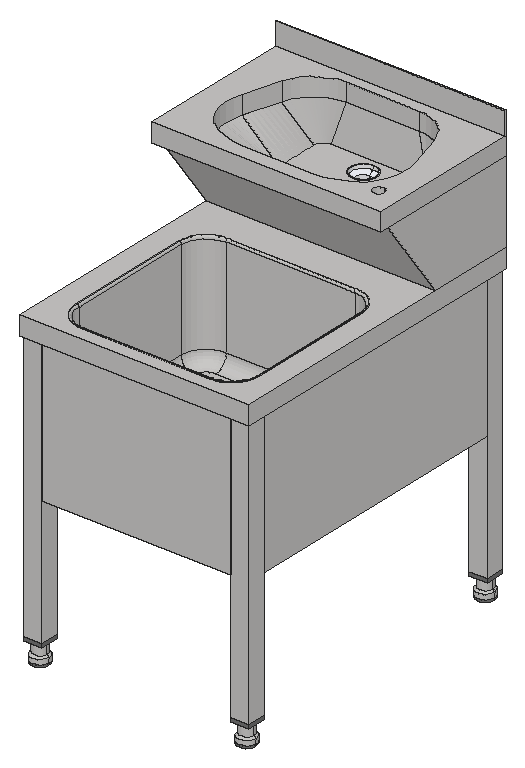
Revit family "QF_ZANUSSI_132951_NLPD", category Attrezzature speciali, Revit 2020
Family settings
  Quota connettore circolare = Usa diametro
  Tipo di parte = Normale
  Basato su piano di lavoro = No
  Sempre verticale = Sì
  Taglio con vuoti quando caricato = No
  Condiviso = No
  Punto di calcolo locali = No
Parameters (values of type "Standard")
  Weight = 50.00 kg
  Watts = 0 W
  Volts = 0 V
  URL Manufacturer = "http://www.zanussiprofessional.com"
  URL = "http://www.zanussiprofessional.com"
  Steam Supply Size = 0 mm
  Steam Supply Minimum Pressure = 0.0 Pa
  Steam Supply Maximum Pressure = 0.0 Pa
  Steam Consumption per Hour = 0
  Refrigeration Suction Line Size = 0.0 mm
  Refrigeration Liquid Line Size = 0.0 mm
  Refrigerant Compressor Remote = yes
  Prospetto di default = 0.0 mm
  Phase = 0
  Modello = "NLPD"
  Produttore = "Zanussi"
  Length Actual = 500.0 mm  # constant formula
  Item Number = "132951"
  Hot Water Size = 12.7 mm
  Height Actual = 950.0 mm  # constant formula
  HP = "0 HP"
  Gas Size = 0 mm
  Gas KW = 0
  Gas Input Pressure = 0 W
  Direct Waste Size = 139.7 mm
  Descrizione = "FREE-STAND.HAND WASH SINK+1 UPPER BOWL WITH MIXER SPOUT-DRAIN HOLE AND 1 LOWER BOWL+MIXER SPOUT,DRAIN HOLE,SUPPORT GRID"
  Depth Actual = 700.0 mm  # constant formula
  Cycle = 0 Hz
  Condensate Return Size = 0 mm
  Compressed Air Volume = 0.0 L/s
  Compressed Air Size = 0 mm
  Compressed Air Pressure = 0.0 Pa
  Cold Water Size = 12.7 mm
  Accessory = yes
Reference planes
  plane 1 "Center (Front/Back)": y = 0
  plane 2: z = 0
  plane 3 "Center (Left/Right)": x = 150
  plane 4 "LEFT": x = -100
  plane 5 "RIGHT": x = 400
  plane 6 "BACK": y = 350
  plane 7 "FRONT": y = -350
  plane 8 "PlaneVascaSup": z = 860
  plane 9 "TOP": z = 900
  plane 10: x = -76
  plane 11: x = 376
  plane 12: y = 326
  plane 13: y = -326
  plane 14 "RIPIANO": z = 200
  plane 15 "PlaneVascaInf": z = 680
  plane 16: z = 640
  plane 17: z = 950
  plane 18: y = 275
  plane 19: z = 774
  plane 20: y = 65
  plane 21: x = 352
  plane 22: y = 10
Forms (mm)
  Extrusion 1, solid, material "QF_Finishes_Stainless Steel"
    sketch origin (0, 0, 680) x (0, 1, 0) y (-1, 0, 0)
      loop
        line (306, 96) -> (-306, 96) -> (-306, 81) -> (306, 81) -> (306, 96)
      loop
        line (-346, 56) -> (-346, -356) -> (-331, -356) -> (-331, 56) -> (-346, 56)
      loop
        line (306, -396) -> (306, -381) -> (-306, -381) -> (-306, -396) -> (306, -396)
    from -40 to -350
  Extrusion 2, solid, material "QF_Finishes_Stainless Steel"
    sketch origin (0, 0, 680) x (0, 1, 0) y (-1, 0, 0)
      loop
        line (350, 100) -> (-350, 100) -> (-350, -400) -> (350, -400) -> (350, 100)
      loop
        line (-320, -10) -> (-320, -290)
        arc (-320, -290) -> (-302.426, -332.426) -> (-260, -350) r 60
        line (-260, -350) -> (20, -350)
        arc (20, -350) -> (62.426, -332.426) -> (80, -290) r 60
        line (80, -290) -> (80, -10)
        arc (80, -10) -> (62.426, 32.426) -> (20, 50) r 60
        line (20, 50) -> (-260, 50)
        arc (-260, 50) -> (-302.426, 32.426) -> (-320, -10) r 60
    from 0 to -40
  Extrusion 3, solid, material "QF_Finishes_Stainless Steel"
    sketch origin (150, 0, 0) x (0, 1, 0) y (0, 0, 1)
      loop
        line (350, 680) -> (350, 860) -> (29.222, 860) -> (160, 680) -> (350, 680)
    from -250 to -245
  Blend 4, void
    base sketch origin (0, 0, 860) x (0, 1, 0) y (-1, 0, 0)
      loop
        line (326, -229.648) -> (326, -70.352)
        arc (326, -70.352) -> (307.877, -16.189) -> (260.807, 16.161) r 90
        line (260.807, 16.161) -> (180.182, 39.28)
        arc (180.182, 39.28) -> (123.845, 42.636) -> (73.909, 16.341) r 105
        arc (73.909, 16.341) -> (49.478, -26.456) -> (41, -75) r 143.215
        line (41, -75) -> (41, -225)
        arc (41, -225) -> (49.478, -273.544) -> (73.909, -316.341) r 143.215
        arc (73.909, -316.341) -> (123.845, -342.636) -> (180.182, -339.28) r 105
        line (180.182, -339.28) -> (260.807, -316.161)
        arc (260.807, -316.161) -> (307.877, -283.811) -> (326, -229.648) r 90
    top sketch origin (0, 0, 860) x (0, 1, 0) y (-1, 0, 0)
      loop
        arc (316, -45) -> (310.142, -30.858) -> (296, -25) r 20
        line (296, -25) -> (201, -25)
        arc (201, -25) -> (193.929, -27.929) -> (191, -35) r 10
        line (191, -35) -> (191, -123.121) -> (191, -176.879) -> (191, -265)
        arc (191, -265) -> (193.929, -272.071) -> (201, -275) r 10
        line (201, -275) -> (296, -275)
        arc (296, -275) -> (310.142, -269.142) -> (316, -255) r 20
        line (316, -255) -> (316, -45)
    from 0 to -86
  Extrusion 5, void
    sketch origin (0, 0, 680) x (0, 1, 0) y (-1, 0, 0)
      loop
        circle (275, -150) r 28
    from -42.17 to 94
  Revolve 6, solid, material "QF_Finishes_White"
    sketch origin (150, 146, 125) x (0, 1, 0) y (0, 0, 1)
      loop
        line (145.5, 633.617) -> (157.058, 640.84) -> (157.058, 649) -> (155.558, 649) -> (155.558, 641.671) -> (144, 634.449) -> (144, 619.5) -> (145.5, 619.5) -> (145.5, 633.617)
      axis (129, 649) -> (129, 619.5)
    angle from 0 to 360
  Extrusion 7, void
    sketch origin (0, 0, 860) x (0, 1, 0) y (-1, 0, 0)
      loop
        circle (65, -352) r 12.7
    from 0 to 40
  Extrusion 8, solid, material "QF_Finishes_Stainless Steel"
    sketch origin (0, 0, 860) x (0, 1, 0) y (-1, 0, 0)
      loop
        line (350, 100) -> (10, 100) -> (10, -400) -> (350, -400) -> (350, 100)
    from 0 to 40
  Extrusion 9, void
    sketch origin (0, 0, 860) x (0, 1, 0) y (-1, 0, 0)
      loop
        arc (180.182, 39.28) -> (123.845, 42.636) -> (73.909, 16.341) r 105
        arc (73.909, 16.341) -> (49.478, -26.456) -> (41, -75) r 143.215
        line (41, -75) -> (41, -225)
        arc (41, -225) -> (49.478, -273.544) -> (73.909, -316.341) r 143.215
        arc (73.909, -316.341) -> (123.845, -342.636) -> (180.182, -339.28) r 105
        line (180.182, -339.28) -> (260.807, -316.161)
        arc (260.807, -316.161) -> (307.877, -283.811) -> (326, -229.648) r 90
        line (326, -229.648) -> (326, -70.352)
        arc (326, -70.352) -> (307.877, -16.189) -> (260.807, 16.161) r 90
        line (260.807, 16.161) -> (180.182, 39.28)
    from 0 to 40
  Extrusion 10, solid, material "QF_Finishes_Stainless Steel"
    sketch origin (150, 0, 0) x (0, 1, 0) y (0, 0, 1)
      loop
        line (350, 950) -> (348, 950) -> (348, 900) -> (350, 900) -> (350, 950)
    from -250 to 250
  Extrusion 11, solid, material "QF_Finishes_Stainless Steel"
    sketch origin (0, 0, 860) x (0, 1, 0) y (-1, 0, 0)
      loop
        circle (65, -339.3) r 10
      loop
        circle (65, -364.7) r 10
      loop
        circle (65, -364.7) r 8
      loop
        circle (65, -339.3) r 8
    from -5.915 to -9.268
  Extrusion 12, solid, material "QF_Finishes_Stainless Steel"
    sketch origin (150, 0, 0) x (0, 1, 0) y (0, 0, 1)
      loop
        line (166.18, 680) -> (35.403, 860) -> (29.222, 860) -> (160, 680) -> (166.18, 680)
    from -250 to 245
  Extrusion 13, solid, material "QF_Finishes_Stainless Steel"
    sketch origin (150, 0, 0) x (0, 1, 0) y (0, 0, 1)
      loop
        line (350, 680) -> (350, 860) -> (29.222, 860) -> (160, 680) -> (350, 680)
    from 240 to 250
  Extrusion 14, solid, material "QF_Finishes_Stainless Steel"
    sketch origin (150, 0, 0) x (0, 1, 0) y (0, 0, 1)
      loop
        line (326, 860) -> (35.403, 860) -> (183.531, 772.505) -> (326, 772.505) -> (326, 860)
    from -195 to 195
  Extrusion 15, void
    sketch origin (0, 0, 860) x (0, 1, 0) y (-1, 0, 0)
      loop
        circle (275, -150) r 28.058
    from -100.551 to -69.963
Cuts and joins
  Extrusion 5, Extrusion 7 cuts Extrusion 2
  Extrusion 7, Extrusion 9 cuts Extrusion 8
  Blend 4, Extrusion 5, Extrusion 7 cuts Extrusion 3
  joined: Extrusion 3, Extrusion 12, Extrusion 13
  Blend 4, Extrusion 15 cuts Extrusion 14
Lines and regions (mm)
  symbolic lines, style "SpecialityEquipmentHiddenLines", detail levels coarse
    curve 1: line (-100, 350, 200) -> (400, 350, 200)
    curve 2: line (-100, -350, 200) -> (-100, 350, 200)
    curve 3: line (400, -350, 200) -> (-100, -350, 200)
    curve 4: line (400, 350, 200) -> (400, -350, 200)
Dimensions and locks
  plane 4 "LEFT" to plane 5 "RIGHT" = 500.0 mm
  equal spacing: plane 4 "LEFT", plane 3 "Center (Left/Right)", plane 5 "RIGHT"
  locked: plane 8 "PlaneVascaSup" to level at 860
  plane 4 "LEFT" to plane 10 = 24.0 mm
  plane 11 to plane 5 "RIGHT" = 24.0 mm
  plane 9 "TOP" to level = 900.0 mm
  plane 6 "BACK" to plane 12 = 24.0 mm
  plane 13 to plane 7 "FRONT" = 24.0 mm
  plane 6 "BACK" to plane 7 "FRONT" = 700.0 mm
  plane 12 to plane 13 = 652.0 mm
  equal spacing: plane 6 "BACK", plane 1 "Center (Front/Back)", plane 7 "FRONT"
  plane 14 "RIPIANO" to level = 200.0 mm
  plane 2 to plane 14 "RIPIANO" to plane 8 "PlaneVascaSup" = 200.0 mm, 660.0 mm
  locked: plane 15 "PlaneVascaInf" to level at 680
  locked: plane 15 "PlaneVascaInf" to plane 16 at 40
  plane 6 "BACK" to plane 18 = 75.0 mm
  plane 9 "TOP" to plane 19 = 126.0 mm
  plane 6 "BACK" to plane 20 = 285.0 mm
  plane 21 to plane 5 "RIGHT" = 48.0 mm
  plane 6 "BACK" to plane 22 = 340.0 mm
  locked: plane 17 to level at 950
  plane 17 to plane 9 "TOP" = 50.0 mm
  aligned and locked: level to plane 2
  aligned and locked: plane 10 to nested 1
  aligned and locked: nested 1 to plane 13
  aligned and locked: plane 11 to nested 2
  aligned and locked: nested 2 to plane 13
  aligned and locked: plane 11 to nested 4
  aligned and locked: nested 4 to plane 12
  aligned and locked: plane 10 to nested 3
  aligned and locked: nested 3 to plane 12
Automatic sketch dimensions
  plane 7 "FRONT" to Extrusion 1 sketch curve = 4.0 mm
  Extrusion 1 sketch curve to plane 13 = 5.0 mm
  Extrusion 1 sketch curve to plane 5 "RIGHT" = 4.0 mm
  plane 13 to Extrusion 1 sketch curve = 20.0 mm  (x2)
  plane 4 "LEFT" to Extrusion 1 sketch curve = 4.0 mm
  Extrusion 1 sketch curve to plane 10 = 5.0 mm
  Extrusion 1 sketch curve to plane 12 = 20.0 mm  (x2)
  plane 11 to Extrusion 1 sketch curve = 5.0 mm
  Extrusion 1 sketch curve to plane 21 = 4.0 mm
  plane 10 to Extrusion 1 sketch curve = 20.0 mm
  curve 3 to plane 4 "LEFT" = 0.0 mm
  curve 3 to plane 7 "FRONT" = 0.0 mm
  curve 2 to plane 6 "BACK" = 0.0 mm
  curve 1 to plane 5 "RIGHT" = 0.0 mm
  Extrusion 2 sketch curve to plane 5 "RIGHT" = 0.0 mm
  Extrusion 2 sketch curve to plane 7 "FRONT" = 0.0 mm
  Extrusion 2 sketch curve to plane 6 "BACK" = 0.0 mm
  Extrusion 2 sketch curve to plane 4 "LEFT" = 0.0 mm
  plane 13 to Extrusion 2 sketch curve = 6.0 mm
  Extrusion 2 sketch curve to Extrusion 2 sketch curve = 60.0 mm
  plane 21 to Extrusion 2 sketch curve = 2.0 mm
  plane 13 to Extrusion 2 sketch curve = 66.0 mm
  plane 22 to Extrusion 2 sketch curve = 10.0 mm  (x2)
  plane 20 to Extrusion 2 sketch curve = 15.0 mm
  plane 10 to Extrusion 2 sketch curve = 86.0 mm
  Extrusion 3 sketch curve to plane 8 "PlaneVascaSup" = 0.0 mm
  Extrusion 3 sketch curve to plane 15 "PlaneVascaInf" = 0.0 mm
  Extrusion 3 sketch curve to plane 6 "BACK" = 0.0 mm
  plane 20 to Extrusion 3 sketch curve = 95.0 mm
  plane 22 to Extrusion 3 sketch curve = 19.222 mm
  Blend 4 sketch curve to plane 12 = 0.0 mm
  plane 18 to Blend 4 sketch curve = 14.193 mm  (x2)
  plane 18 to Blend 4 sketch curve = 39.0 mm  (x2)
  Blend 4 sketch curve to Blend 4 sketch curve = 51.785 mm  (x2)
  plane 21 to Blend 4 sketch curve = 12.72 mm
  Blend 4 sketch curve to Blend 4 sketch curve = 80.625 mm  (x2)
  plane 10 to Blend 4 sketch curve = 36.72 mm
  Blend 4 sketch curve to Blend 4 sketch curve = 38.215 mm  (x2)
  Blend 4 sketch curve to plane 20 = 24.0 mm
  plane 21 to Blend 4 sketch curve = 35.839 mm
  plane 3 "Center (Left/Right)" to Blend 4 sketch curve = 90.0 mm
  plane 3 "Center (Left/Right)" to Blend 4 sketch curve = 75.0 mm
  Blend 4 sketch curve to plane 3 "Center (Left/Right)" = 75.0 mm
  Blend 4 sketch curve to plane 3 "Center (Left/Right)" = 79.648 mm
  Blend 4 sketch curve to Blend 4 sketch curve = 15.0 mm
  plane 3 "Center (Left/Right)" to Blend 4 sketch curve = 26.879 mm
  plane 18 to Blend 4 sketch curve = 84.0 mm
  Blend 4 sketch curve to Blend 4 sketch curve = 10.0 mm  (x2)
  Blend 4 sketch curve to plane 18 = 21.0 mm  (x2)
  Blend 4 sketch curve to plane 12 = 10.0 mm
  plane 21 to Blend 4 sketch curve = 97.0 mm
  Blend 4 sketch curve to plane 3 "Center (Left/Right)" = 26.879 mm
  Blend 4 sketch curve to plane 3 "Center (Left/Right)" = 105.0 mm
  Extrusion 5 sketch curve to plane 3 "Center (Left/Right)" = 0.0 mm
  plane 18 to Extrusion 5 sketch curve = 0.0 mm
  Revolve 6 sketch curve to plane 18 = 0.0 mm
  plane 19 to Revolve 6 sketch curve = 0.0 mm
  Revolve 6 sketch curve to plane 18 = 15.0 mm
  Revolve 6 sketch curve to Revolve 6 sketch curve = 1.5 mm  (x2)
  Revolve 6 sketch curve to Revolve 6 sketch curve = 10.058 mm
  Revolve 6 sketch curve to Revolve 6 sketch curve = 7.329 mm
  Revolve 6 sketch curve to Revolve 6 sketch curve = 0.831 mm  (x2)
  Revolve 6 sketch curve to Revolve 6 sketch curve = 7.222 mm
  Revolve 6 sketch curve to Revolve 6 sketch curve = 14.117 mm
  Revolve 6 sketch curve to Revolve 6 sketch curve = 22.0 mm
  plane 8 "PlaneVascaSup" to Revolve 6 sketch curve = 2.5 mm
  Extrusion 7 sketch curve to plane 20 = 0.0 mm
  Extrusion 7 sketch curve to plane 21 = 0.0 mm
  Extrusion 8 sketch curve to plane 4 "LEFT" = 0.0 mm
  Extrusion 8 sketch curve to plane 22 = 0.0 mm
  Extrusion 8 sketch curve to plane 6 "BACK" = 0.0 mm
  Extrusion 8 sketch curve to plane 5 "RIGHT" = 0.0 mm
  Extrusion 9 sketch curve to plane 12 = 0.0 mm
  plane 18 to Extrusion 9 sketch curve = 14.193 mm  (x2)
  plane 18 to Extrusion 9 sketch curve = 39.0 mm  (x2)
  Extrusion 9 sketch curve to Extrusion 9 sketch curve = 51.785 mm  (x2)
  plane 10 to Extrusion 9 sketch curve = 36.72 mm
  Extrusion 9 sketch curve to Extrusion 9 sketch curve = 80.625 mm  (x2)
  plane 21 to Extrusion 9 sketch curve = 12.72 mm
  Extrusion 9 sketch curve to Extrusion 9 sketch curve = 38.215 mm  (x2)
  Extrusion 9 sketch curve to plane 20 = 24.0 mm
  plane 21 to Extrusion 9 sketch curve = 35.839 mm
  plane 3 "Center (Left/Right)" to Extrusion 9 sketch curve = 90.0 mm
  Extrusion 9 sketch curve to Extrusion 9 sketch curve = 15.0 mm  (x2)
  Extrusion 9 sketch curve to plane 3 "Center (Left/Right)" = 75.0 mm
  Extrusion 9 sketch curve to Extrusion 9 sketch curve = 4.648 mm
  Extrusion 10 sketch curve to plane 17 = 0.0 mm
  Extrusion 10 sketch curve to plane 9 "TOP" = 0.0 mm
  Extrusion 10 sketch curve to plane 6 "BACK" = 0.0 mm
  Extrusion 10 sketch curve to plane 6 "BACK" = 2.0 mm
  Extrusion 11 sketch curve to plane 20 = 0.0 mm  (x2)
  Extrusion 11 sketch curve to plane 11 = 11.3 mm
  plane 21 to Extrusion 11 sketch curve = 12.7 mm
  plane 20 to Extrusion 12 sketch curve = 95.0 mm
  plane 22 to Extrusion 12 sketch curve = 19.222 mm
  Extrusion 13 sketch curve to plane 8 "PlaneVascaSup" = 0.0 mm
  Extrusion 13 sketch curve to plane 15 "PlaneVascaInf" = 0.0 mm
  Extrusion 13 sketch curve to plane 6 "BACK" = 0.0 mm
  plane 20 to Extrusion 13 sketch curve = 95.0 mm
  plane 22 to Extrusion 13 sketch curve = 19.222 mm
  plane 8 "PlaneVascaSup" to Extrusion 12 sketch curve = 0.0 mm
  plane 15 "PlaneVascaInf" to Extrusion 12 sketch curve = 0.0 mm
  Extrusion 12 sketch curve to Extrusion 12 sketch curve = 6.18 mm  (x2)
  Extrusion 14 sketch curve to plane 8 "PlaneVascaSup" = 0.0 mm
  plane 19 to Extrusion 14 sketch curve = 1.495 mm
  Extrusion 14 sketch curve to plane 12 = 0.0 mm
  plane 18 to Extrusion 14 sketch curve = 91.469 mm
  plane 22 to Extrusion 14 sketch curve = 25.403 mm
  Extrusion 15 sketch curve to plane 3 "Center (Left/Right)" = 0.0 mm
  plane 18 to Extrusion 15 sketch curve = 0.0 mm
  Extrusion 11 sketch curve to Extrusion 11 sketch curve = 0.0 mm  (x4)
  radius of Extrusion 5 sketch curve = 28.0 mm
  radius of Extrusion 7 sketch curve = 12.7 mm
  radius of Extrusion 11 sketch curve = 10.0 mm  (x2)
  radius of Extrusion 15 sketch curve = 28.058 mm
  radius of Extrusion 11 sketch curve = 8.0 mm  (x2)
Nested families
  nested 1: "FEET_40x40_H640" at (-76, -326, 0), type "FEET_40x40_H640"
  nested 2: "FEET_40x40_H640" at (376, -326, 0), type "FEET_40x40_H640"
  nested 3: "FEET_40x40_H640" at (-76, 326, 0), type "FEET_40x40_H640"
  nested 4: "FEET_40x40_H640" at (376, 326, 0), type "FEET_40x40_H640"
  nested 5: "SINK_Vasca40x40_H251" at (150, -120, -220), type "SINK_Vasca40x40_H251"
Connectors
  piping at (364.7, 65, 850.732), diameter 12.7, driven by "Cold Water Size"
    settings: on Extrusion 11, index 1, connector inside diameter 609.6 mm, connector length 0.0 mm, flow factor 0, pipe flow 0.0 L/s, pressure drop 0.0 Pa, fitting loss kfactor 0, connector angle 0.00°, fixture units 0, engagement length 0.0 mm, angle of deflection 0.00°, flow configuration 1, flow direction 1, fitting loss method 0, system type 20, joint type 0, gender type 0, connector reference index -1, connector utility 0, adjustable connector no, is connector primary yes, connector description "Cold Water Inlet"
  piping at (339.3, 65, 850.732), diameter 12.7, driven by "Hot Water Size"
    settings: on Extrusion 11, index 2, connector inside diameter 609.6 mm, connector length 0.0 mm, flow factor 0, pipe flow 0.0 L/s, pressure drop 0.0 Pa, fitting loss kfactor 0, connector angle 0.00°, fixture units 0, engagement length 0.0 mm, angle of deflection 0.00°, flow configuration 1, flow direction 1, fitting loss method 0, system type 19, joint type 0, gender type 0, connector reference index -1, connector utility 0, adjustable connector no, is connector primary no, connector description "Hot Water Inlet"
  piping at (270, 0.058, 401), diameter 139.7, driven by "Direct Waste Size"
    settings: on nested 5, index 3, connector inside diameter 609.6 mm, connector length 0.0 mm, flow factor 0, pipe flow 0.0 L/s, pressure drop 0.0 Pa, fitting loss kfactor 0, connector angle 0.00°, fixture units 0, engagement length 0.0 mm, angle of deflection 0.00°, flow configuration 1, flow direction 2, fitting loss method 0, system type 16, joint type 0, gender type 0, connector reference index -1, connector utility 0, adjustable connector no, is connector primary no, connector description "Drain"
Definition of nested family "FEET_40x40_H640"
  Parameters
    Default Elevation = 0.0 mm
    FEET = 640.0 mm
  Reference planes
    plane 1 "Center (Front/Back)": y = 0
    plane 2: z = 0
    plane 3 "Center (Left/Right)": x = 0
    plane 4: z = 640
  Forms (mm)
    Extrusion 1, solid
      sketch origin (0, 0, 0) x (1, 0, 0) y (0, 1, 0)
        loop
          line (-20, -20) -> (20, -20) -> (20, 20) -> (-20, 20) -> (-20, -20)
      from 50 to 640
    Extrusion 2, solid
      sketch origin (0, 0, 0) x (1, 0, 0) y (0, 1, 0)
        loop
          circle (0, 0) r 20
      from 0 to 5
    Extrusion 3, solid
      sketch origin (0, 0, 0) x (1, 0, 0) y (0, 1, 0)
        loop
          line (-20, -20) -> (20, -20) -> (20, 20) -> (-20, 20) -> (-20, -20)
      from 50 to 42
    Revolve 4, solid
      sketch origin (0, 0, 0) x (1, 0, 0) y (0, 0, 1)
        loop
          line (0, 42) -> (-15, 42) -> (-15, 20) -> (-20, 15) -> (-20, 5) -> (0, 5) -> (0, 42)
        axis (0, 42) -> (0, 5)
      angle from 0 to 360
  Lines and regions (mm)
    symbolic lines
      curve 1: line (0, -1.503, 0) -> (0, 1.508, 0)
      curve 2: line (1.561, 0, 0) -> (-1.439, 0, 0)
  Dimensions and locks
    "FEET": plane 4 to plane 2
    aligned and locked: level to plane 2
  Automatic sketch dimensions
    plane 1 "Center (Front/Back)" to curve 2 = 0.0 mm
    curve 1 to plane 3 "Center (Left/Right)" = 0.0 mm
    curve 2 to plane 3 "Center (Left/Right)" = 1.439 mm
    plane 3 "Center (Left/Right)" to curve 2 = 1.561 mm
    plane 1 "Center (Front/Back)" to curve 1 = 1.503 mm
    curve 1 to plane 1 "Center (Front/Back)" = 1.508 mm
    Extrusion 1 sketch curve to plane 3 "Center (Left/Right)" = 20.0 mm
    plane 3 "Center (Left/Right)" to Extrusion 1 sketch curve = 20.0 mm
    plane 1 "Center (Front/Back)" to Extrusion 1 sketch curve = 20.0 mm
    Extrusion 1 sketch curve to plane 1 "Center (Front/Back)" = 20.0 mm
    plane 1 "Center (Front/Back)" to Extrusion 2 sketch curve = 0.0 mm
    Extrusion 2 sketch curve to plane 3 "Center (Left/Right)" = 0.0 mm
    Extrusion 3 sketch curve to plane 3 "Center (Left/Right)" = 20.0 mm
    plane 3 "Center (Left/Right)" to Extrusion 3 sketch curve = 20.0 mm
    plane 1 "Center (Front/Back)" to Extrusion 3 sketch curve = 20.0 mm
    Extrusion 3 sketch curve to plane 1 "Center (Front/Back)" = 20.0 mm
    Revolve 4 sketch curve to plane 3 "Center (Left/Right)" = 0.0 mm  (x2)
    Revolve 4 sketch curve to plane 3 "Center (Left/Right)" = 15.0 mm
    Revolve 4 sketch curve to Revolve 4 sketch curve = 5.0 mm  (x3)
    level to Revolve 4 sketch curve = 5.0 mm
    Revolve 4 sketch curve to Revolve 4 sketch curve = 10.0 mm
    Revolve 4 sketch curve to Revolve 4 sketch curve = 22.0 mm
    Revolve 4 sketch curve to level = 9.561 mm
    radius of Extrusion 2 sketch curve = 20.0 mm
Definition of nested family "SINK_Vasca40x40_H251"
  Parameters
    Width = 400.0 mm
    ScaricoY = 80.0 mm
    ScaricoX = 80.0 mm
    Default Elevation = 0.0 mm
    Height_Top = 900.0 mm
    FEET = 850.0 mm
    Depth = 400.0 mm
  Reference planes
    plane 1 "Center (Front/Back)": y = 0
    plane 2: z = 0
    plane 3 "Center (Left/Right)": x = 0
    plane 4 "Top": z = 900
    plane 5 "Left": x = -200
    plane 6 "Right": x = 200
    plane 7 "Back": y = 200
    plane 8 "Front": y = -200
    plane 9 "BaseVasca": z = 649
    plane 10: x = 120
    plane 11: y = 120.182
  Forms (mm)
    Extrusion 1, void
      sketch origin (0, 0, 900) x (-1, 0, 0) y (0, -1, 0)
        loop
          circle (-120, -120) r 28
      from -173.82 to -354.391
    Sweep 2, solid
      path origin (0, 0, 900) x (-1, 0, 0) y (0, -1, 0)
        loop
          line (-200, 140) -> (-200, -140)
          arc (-200, -140) -> (-182.426, -182.426) -> (-140, -200) r 60
          line (-140, -200) -> (140, -200)
          arc (140, -200) -> (182.426, -182.426) -> (200, -140) r 60
          line (200, -140) -> (200, 140)
          arc (200, 140) -> (182.426, 182.426) -> (140, 200) r 60
          line (140, 200) -> (-140, 200)
          arc (-140, 200) -> (-182.426, 182.426) -> (-200, 140) r 60
      profile origin (200, 0, 900) x (-1, 0, 0) y (0, 0, 1)
        loop
          arc (5, -5) -> (3.536, -1.464) -> (0, 0) r 5
          line (0, 0) -> (0, -1.5)
          arc (0, -1.5) -> (2.475, -2.525) -> (3.5, -5) r 3.5
          line (3.5, -5) -> (3.5, -221)
          arc (3.5, -221) -> (12.726, -243.274) -> (35, -252.5) r 31.5
          line (35, -252.5) -> (35, -251)
          arc (35, -251) -> (13.787, -242.213) -> (5, -221) r 30
          line (5, -221) -> (5, -5)
    Revolve 3, solid
      sketch origin (120, -8.942, 1.5) x (0, 1, 0) y (0, 0, 1)
        loop
          line (145.5, 633.617) -> (157.058, 640.84) -> (157.058, 649) -> (155.558, 649) -> (155.558, 641.671) -> (144, 634.449) -> (144, 619.5) -> (145.5, 619.5) -> (145.5, 633.617)
        axis (129, 649) -> (129, 619.5)
      angle from 0 to 360
    Extrusion 4, solid
      sketch origin (0, 0, 649) x (0, -1, 0) y (1, 0, 0)
        loop
          arc (140, -165) -> (157.678, -157.678) -> (165, -140) r 25
          line (165, -140) -> (165, 140)
          arc (165, 140) -> (157.678, 157.678) -> (140, 165) r 25
          line (140, 165) -> (-140, 165)
          arc (-140, 165) -> (-157.678, 157.678) -> (-165, 140) r 25
          line (-165, 140) -> (-165, -140)
          arc (-165, -140) -> (-157.678, -157.678) -> (-140, -165) r 25
          line (-140, -165) -> (140, -165)
      from 0 to 1.5
  Cuts and joins
    Extrusion 1 cuts Extrusion 4
  Lines and regions (mm)
    symbolic lines
      curve 1: line (-110.913, 165, 0) -> (111, 165, 0)
      curve 2: line (165, 111, 0) -> (165, -111.409, 0)
      curve 3: line (111.409, -165, 0) -> (-111.077, -165, 0)
      curve 4: line (-165, -111.077, 0) -> (-165, 110.992, 0)
      curve 5: circle (120, 120.058, 0) r 28 normal (0, 0, 1)
      curve 6: circle (120, 120.058, 0) r 16.5 normal (0, 0, -1)
      curve 7: arc (-140, 200, 0) -> (-182.426, 182.426, 0) -> (-200, 140, 0) r 60
      curve 8: arc (200, 140, 0) -> (182.426, 182.426, 0) -> (140, 200, 0) r 60
      curve 9: arc (140, -200, 0) -> (182.426, -182.426, 0) -> (200, -140, 0) r 60
      curve 10: arc (-200, -140, 0) -> (-182.426, -182.426, 0) -> (-140, -200, 0) r 60
      curve 11: line (-200, -140, 0) -> (-200, 140, 0)
      curve 12: line (-140, 200, 0) -> (140, 200, 0)
      curve 13: line (200, 140, 0) -> (200, -140, 0)
  Dimensions and locks
    equal spacing: plane 5 "Left", plane 3 "Center (Left/Right)", plane 6 "Right"
    "Width": plane 5 "Left" to plane 6 "Right"
    equal spacing: plane 7 "Back", plane 1 "Center (Front/Back)", plane 8 "Front"
    "Depth": plane 7 "Back" to plane 8 "Front"
    "Height_Top": plane 4 "Top" to level
    plane 9 "BaseVasca" to level = 649.0 mm
    plane 4 "Top" to plane 9 "BaseVasca" = 251.0 mm
    aligned and locked: level to plane 2
  Automatic sketch dimensions
    Sweep 2 sketch curve to Sweep 2 sketch curve = 0.0 mm  (x4)
    Sweep 2 sketch curve to profile plane = 0.0 mm
    Sweep 2 sketch curve to profile plane = 3.5 mm
    Sweep 2 sketch curve to Sweep 2 sketch curve = 1.5 mm
    Sweep 2 sketch curve to Sweep 2 sketch curve = 30.0 mm
    Sweep 2 sketch curve to profile plane = 252.5 mm
    Sweep 2 sketch curve to profile plane = 5.0 mm
    Extrusion 1 sketch curve to plane 6 "Right" = 80.0 mm
    Extrusion 1 sketch curve to plane 7 "Back" = 80.0 mm
    Revolve 3 sketch curve to plane 9 "BaseVasca" = 1.5 mm
    Revolve 3 sketch curve to plane 7 "Back" = 64.942 mm
    Revolve 3 sketch curve to Revolve 3 sketch curve = 1.5 mm  (x2)
    Revolve 3 sketch curve to Revolve 3 sketch curve = 10.058 mm
    plane 9 "BaseVasca" to Revolve 3 sketch curve = 5.829 mm
    Revolve 3 sketch curve to Revolve 3 sketch curve = 0.831 mm  (x2)
    Revolve 3 sketch curve to Revolve 3 sketch curve = 7.222 mm
    Revolve 3 sketch curve to Revolve 3 sketch curve = 14.117 mm
    Revolve 3 sketch curve to plane 7 "Back" = 79.942 mm
    Revolve 3 sketch curve to Revolve 3 sketch curve = 22.0 mm
    Revolve 3 sketch curve to plane 9 "BaseVasca" = 90.0 mm
    Sweep 2 sketch curve to plane 6 "Right" = 0.0 mm
    Sweep 2 sketch curve to plane 8 "Front" = 0.0 mm
    Sweep 2 sketch curve to plane 7 "Back" = 0.0 mm
    Sweep 2 sketch curve to plane 5 "Left" = 0.0 mm
    Sweep 2 sketch curve to plane 10 = 20.0 mm  (x2)
    plane 5 "Left" to Sweep 2 sketch curve = 60.0 mm
    plane 11 to Sweep 2 sketch curve = 19.818 mm
    Extrusion 4 sketch curve to plane 7 "Back" = 35.0 mm
    plane 11 to Extrusion 4 sketch curve = 19.818 mm  (x2)
    plane 8 "Front" to Extrusion 4 sketch curve = 60.0 mm
    Extrusion 4 sketch curve to plane 6 "Right" = 35.0 mm
    Extrusion 4 sketch curve to plane 10 = 20.0 mm
    plane 5 "Left" to Extrusion 4 sketch curve = 60.0 mm  (x2)
    curve 5 to curve 6 = 0.0 mm  (x2)
    curve 10 to plane 5 "Left" = 0.0 mm
    curve 10 to plane 8 "Front" = 0.0 mm
    curve 12 to plane 7 "Back" = 0.0 mm
    curve 9 to plane 8 "Front" = 0.0 mm
    curve 9 to plane 6 "Right" = 0.0 mm
    plane 5 "Left" to curve 10 = 60.0 mm
    plane 5 "Left" to curve 12 = 60.0 mm
    curve 5 to plane 10 = 0.0 mm
    plane 11 to curve 8 = 19.818 mm
    curve 9 to plane 10 = 20.0 mm
    curve 6 to plane 11 = 0.124 mm
    plane 5 "Left" to curve 4 = 35.0 mm
    curve 10 to curve 3 = 28.923 mm
    curve 7 to curve 1 = 29.087 mm
    plane 10 to curve 1 = 9.0 mm
    plane 10 to curve 3 = 8.591 mm
    curve 2 to plane 6 "Right" = 35.0 mm
    plane 8 "Front" to curve 3 = 35.0 mm
    curve 9 to curve 2 = 28.591 mm
    curve 10 to curve 4 = 28.923 mm
    curve 4 to plane 11 = 9.19 mm
    curve 2 to plane 11 = 9.182 mm
    curve 1 to plane 7 "Back" = 35.0 mm
    radius of Extrusion 1 sketch curve = 28.0 mm
    radius of curve 5 = 28.0 mm
    radius of curve 6 = 16.5 mm
